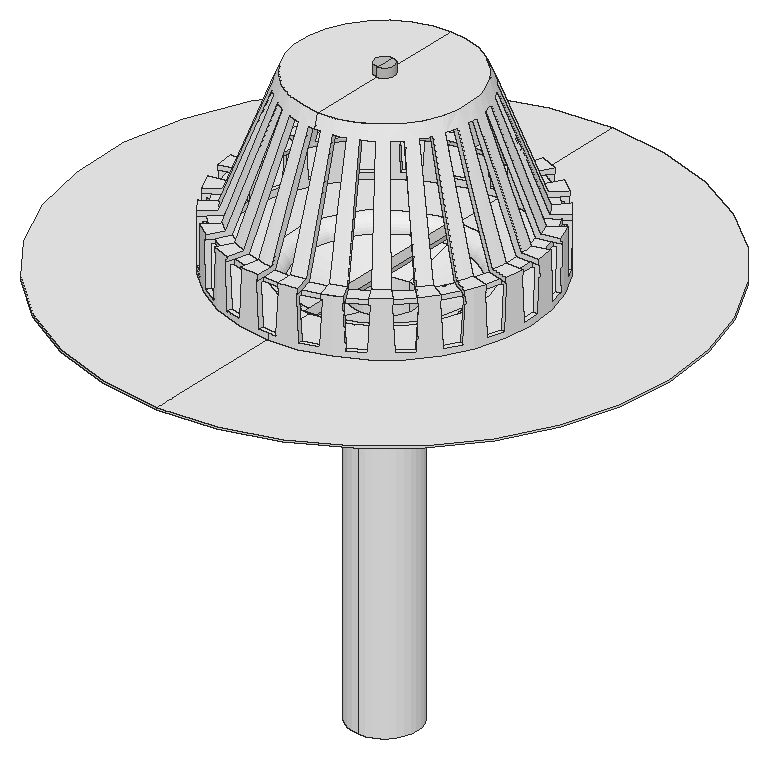
Revit family "Plumbing_Drainage_Menzies-Metal_Spun-Aluminum-Value-Drain", category Plumbing Fixtures, host Face, Revit 2018
Family settings
  Host = Face
  Round Connector Dimension = Use Diameter
  Part Type = Normal
  OmniClass Number = 23.70.50.21.24.11
  OmniClass Title = Roof Waste Water Drains
  Cut with Voids When Loaded = No
  Shared = No
  Room Calculation Point = No
Parameters (values of type "2"")
  Weight = 2.55 lbf
  URL = "https://www.menzies-metal.com/flat-roofing/spun-aluminum-value-drain/"
  Product data url = "https://www.bimobject.com/menzies-metal/product/aluminum-value"
  Product Material = Metal - Menzies Metal Products - Aluminum
  Product Guid = "23bd9ad4-7455-4302-9fb5-ebdef29ec943"
  Pipe Length Note = "Longer pipes available.  Pipes can be field cut to the desired length."  # constant formula
  Pipe Length = 10.875"
  Pipe Diameter = 1 7/8"
  Model = "300-3350"
  Manufacturer = "Menzies Metal Products"  # constant formula
  Edition number = 1
  Drain Flow = 0 GPM
  Description = "Spun Aluminum Value Drain"  # constant formula
  Default Elevation = 48"
  Assembly Code = "D2040200"
Types (3): name | Weight | Pipe Diameter | Model
  2" | 2.55 lbf | 1 7/8" | "300-3350"
  3" | 2.80 lbf | 2 3/4" | "300-3352"
  4" | 2.95 lbf | 3 3/4" | "300-3354"
Reference planes (in)
  plane 1 "Center (Front/Back)": y = 0
  plane 2: z = 0
  plane 3 "Center (Left/Right)": x = 0
  plane 4: z = -11.61321
  plane 5: y = 0.9375
  plane 6: y = -0.9375
  plane 7: y = 0.40591
  plane 8: y = -0.40591
  plane 9: z = -0.73821
  plane 10: z = 0.05867
  plane 11: z = -0.3691
Forms (in)
  Revolve 1, solid, material "Metal - Menzies Metal Products - Aluminum", detail levels coarse
    sketch origin (0, 0, 0) x (0, 1, 0) y (0, 0, 1)
      loop
        line (2.40013, 5.11963) -> (0, 5.11963) -> (0, 0.05) -> (4.23823, 0.05) -> (4.23823, 1.61963) -> (3.74365, 1.61963) -> (2.40013, 5.11963)
      axis (0, 5.11963) -> (0, 0.05)
    angle from 0 to 360
  Revolve 2, solid, material "Metal - Menzies Metal Products - Aluminum" <- "Product Material", detail levels coarse
    sketch origin (0, 0, 0) x (0, 1, 0) y (0, 0, 1)
      loop
        line (8.23828, 0.05) -> (0, 0.05) -> (0, -11.61321) -> (0.9375, -11.61321) -> (0.9375, -0.73821) -> (2.6875, 0) -> (8.23828, 0) -> (8.23828, 0.05)
      axis (0, 0.05) -> (0, -11.61321)
    angle from 0 to 360
  Revolve 3, solid, material "Metal - Menzies Metal Products - Stainless Steel", detail levels medium+fine
    sketch origin (0, 0, 0) x (0, 1, 0) y (0, 0, 1)
      loop
        line (0.27255, 5.36963) -> (0, 5.36963) -> (0, 0) -> (0.11813, 0) -> (0.11813, 5.11963) -> (0.27255, 5.11963) -> (0.27255, 5.36963)
      axis (0, 5.36963) -> (0, 0)
    angle from 0 to 360
  Revolve 4, solid, material "Metal - Menzies Metal Products - Aluminum", detail levels medium+fine
    sketch origin (0, 0, 0) x (0, 1, 0) y (0, 0, 1)
      loop
        line (2.40013, 5.11963) -> (0, 5.11963) -> (0, 4.855) -> (2.31422, 4.855) -> (3.65774, 1.355) -> (4.11323, 1.355) -> (4.11323, 0.05) -> (4.23823, 0.05) -> (4.23823, 1.61963) -> (3.74365, 1.61963) -> (2.40013, 5.11963)
      axis (0, 5.11963) -> (0, 0.05)
    angle from 0 to 360
  Extrusion 5, void
    sketch origin (0, 0, 0) x (-1, 0, 0) y (0, 0, 1)
      loop
        line (0.17396, 4.76) -> (-0.17396, 4.76) -> (-0.2885, 1.48) -> (0.2885, 1.48) -> (0.17396, 4.76)
    from -4.68215 to -1.5
  Extrusion 6, void
    sketch origin (0, 0, 0) x (1, 0, 0) y (0, 0, 1)
      loop
        line (-0.25077, 0.23171) -> (0.25077, 0.23171) -> (0.31619, 1.48) -> (-0.31619, 1.48) -> (-0.25077, 0.23171)
    from 4.0004 to 4.40138
  Extrusion 7, void
    sketch origin (0, 0, 0) x (-0.965926, -0.258819, 0) y (0, 0, 1)
      loop
        line (0.17396, 4.76) -> (-0.17396, 4.76) -> (-0.2885, 1.48) -> (0.2885, 1.48) -> (0.17396, 4.76)
    from -4.68215 to -1.5
  Extrusion 8, void
    sketch origin (0, 0, 0) x (0.965926, 0.258819, 0) y (0, 0, 1)
      loop
        line (-0.25077, 0.23171) -> (0.25077, 0.23171) -> (0.31619, 1.48) -> (-0.31619, 1.48) -> (-0.25077, 0.23171)
    from 4.0004 to 4.40138
  Extrusion 9, void
    sketch origin (0, 0, 0) x (-0.866025, -0.5, 0) y (0, 0, 1)
      loop
        line (0.17396, 4.76) -> (-0.17396, 4.76) -> (-0.2885, 1.48) -> (0.2885, 1.48) -> (0.17396, 4.76)
    from -4.68215 to -1.5
  Extrusion 10, void
    sketch origin (0, 0, 0) x (0.866025, 0.5, 0) y (0, 0, 1)
      loop
        line (-0.25077, 0.23171) -> (0.25077, 0.23171) -> (0.31619, 1.48) -> (-0.31619, 1.48) -> (-0.25077, 0.23171)
    from 4.0004 to 4.40138
  Extrusion 11, void
    sketch origin (0, 0, 0) x (-0.707107, -0.707107, 0) y (0, 0, 1)
      loop
        line (0.17396, 4.76) -> (-0.17396, 4.76) -> (-0.2885, 1.48) -> (0.2885, 1.48) -> (0.17396, 4.76)
    from -4.68215 to -1.5
  Extrusion 12, void
    sketch origin (0, 0, 0) x (0.707107, 0.707107, 0) y (0, 0, 1)
      loop
        line (-0.25077, 0.23171) -> (0.25077, 0.23171) -> (0.31619, 1.48) -> (-0.31619, 1.48) -> (-0.25077, 0.23171)
    from 4.0004 to 4.40138
  Extrusion 13, void
    sketch origin (0, 0, 0) x (-0.5, -0.866025, 0) y (0, 0, 1)
      loop
        line (0.17396, 4.76) -> (-0.17396, 4.76) -> (-0.2885, 1.48) -> (0.2885, 1.48) -> (0.17396, 4.76)
    from -4.68215 to -1.5
  Extrusion 14, void
    sketch origin (0, 0, 0) x (0.5, 0.866025, 0) y (0, 0, 1)
      loop
        line (-0.25077, 0.23171) -> (0.25077, 0.23171) -> (0.31619, 1.48) -> (-0.31619, 1.48) -> (-0.25077, 0.23171)
    from 4.0004 to 4.40138
  Extrusion 15, void
    sketch origin (0, 0, 0) x (-0.258819, -0.965926, 0) y (0, 0, 1)
      loop
        line (0.17396, 4.76) -> (-0.17396, 4.76) -> (-0.2885, 1.48) -> (0.2885, 1.48) -> (0.17396, 4.76)
    from -4.68215 to -1.5
  Extrusion 16, void
    sketch origin (0, 0, 0) x (0.258819, 0.965926, 0) y (0, 0, 1)
      loop
        line (-0.25077, 0.23171) -> (0.25077, 0.23171) -> (0.31619, 1.48) -> (-0.31619, 1.48) -> (-0.25077, 0.23171)
    from 4.0004 to 4.40138
  Extrusion 17, void
    sketch origin (0, 0, 0) x (0, -1, 0) y (0, 0, 1)
      loop
        line (0.17396, 4.76) -> (-0.17396, 4.76) -> (-0.2885, 1.48) -> (0.2885, 1.48) -> (0.17396, 4.76)
    from -4.68215 to -1.5
  Extrusion 18, void
    sketch origin (0, 0, 0) x (0, 1, 0) y (0, 0, 1)
      loop
        line (-0.25077, 0.23171) -> (0.25077, 0.23171) -> (0.31619, 1.48) -> (-0.31619, 1.48) -> (-0.25077, 0.23171)
    from 4.0004 to 4.40138
  Extrusion 19, void
    sketch origin (0, 0, 0) x (0.258819, -0.965926, 0) y (0, 0, 1)
      loop
        line (0.17396, 4.76) -> (-0.17396, 4.76) -> (-0.2885, 1.48) -> (0.2885, 1.48) -> (0.17396, 4.76)
    from -4.68215 to -1.5
  Extrusion 20, void
    sketch origin (0, 0, 0) x (-0.258819, 0.965926, 0) y (0, 0, 1)
      loop
        line (-0.25077, 0.23171) -> (0.25077, 0.23171) -> (0.31619, 1.48) -> (-0.31619, 1.48) -> (-0.25077, 0.23171)
    from 4.0004 to 4.40138
  Extrusion 21, void
    sketch origin (0, 0, 0) x (0.5, -0.866025, 0) y (0, 0, 1)
      loop
        line (0.17396, 4.76) -> (-0.17396, 4.76) -> (-0.2885, 1.48) -> (0.2885, 1.48) -> (0.17396, 4.76)
    from -4.68215 to -1.5
  Extrusion 22, void
    sketch origin (0, 0, 0) x (-0.5, 0.866025, 0) y (0, 0, 1)
      loop
        line (-0.25077, 0.23171) -> (0.25077, 0.23171) -> (0.31619, 1.48) -> (-0.31619, 1.48) -> (-0.25077, 0.23171)
    from 4.0004 to 4.40138
  Extrusion 23, void
    sketch origin (0, 0, 0) x (0.707107, -0.707107, 0) y (0, 0, 1)
      loop
        line (0.17396, 4.76) -> (-0.17396, 4.76) -> (-0.2885, 1.48) -> (0.2885, 1.48) -> (0.17396, 4.76)
    from -4.68215 to -1.5
  Extrusion 24, void
    sketch origin (0, 0, 0) x (-0.707107, 0.707107, 0) y (0, 0, 1)
      loop
        line (-0.25077, 0.23171) -> (0.25077, 0.23171) -> (0.31619, 1.48) -> (-0.31619, 1.48) -> (-0.25077, 0.23171)
    from 4.0004 to 4.40138
  Extrusion 25, void
    sketch origin (0, 0, 0) x (0.866025, -0.5, 0) y (0, 0, 1)
      loop
        line (0.17396, 4.76) -> (-0.17396, 4.76) -> (-0.2885, 1.48) -> (0.2885, 1.48) -> (0.17396, 4.76)
    from -4.68215 to -1.5
  Extrusion 26, void
    sketch origin (0, 0, 0) x (-0.866025, 0.5, 0) y (0, 0, 1)
      loop
        line (-0.25077, 0.23171) -> (0.25077, 0.23171) -> (0.31619, 1.48) -> (-0.31619, 1.48) -> (-0.25077, 0.23171)
    from 4.0004 to 4.40138
  Extrusion 27, void
    sketch origin (0, 0, 0) x (0.965926, -0.258819, 0) y (0, 0, 1)
      loop
        line (0.17396, 4.76) -> (-0.17396, 4.76) -> (-0.2885, 1.48) -> (0.2885, 1.48) -> (0.17396, 4.76)
    from -4.68215 to -1.5
  Extrusion 28, void
    sketch origin (0, 0, 0) x (-0.965926, 0.258819, 0) y (0, 0, 1)
      loop
        line (-0.25077, 0.23171) -> (0.25077, 0.23171) -> (0.31619, 1.48) -> (-0.31619, 1.48) -> (-0.25077, 0.23171)
    from 4.0004 to 4.40138
  Extrusion 29, void
    sketch origin (0, 0, 0) x (1, 0, 0) y (0, 0, 1)
      loop
        line (0.17396, 4.76) -> (-0.17396, 4.76) -> (-0.2885, 1.48) -> (0.2885, 1.48) -> (0.17396, 4.76)
    from -4.68215 to -1.5
  Extrusion 30, void
    sketch origin (0, 0, 0) x (-1, 0, 0) y (0, 0, 1)
      loop
        line (-0.25077, 0.23171) -> (0.25077, 0.23171) -> (0.31619, 1.48) -> (-0.31619, 1.48) -> (-0.25077, 0.23171)
    from 4.0004 to 4.40138
  Extrusion 31, void
    sketch origin (0, 0, 0) x (0.965926, 0.258819, 0) y (0, 0, 1)
      loop
        line (0.17396, 4.76) -> (-0.17396, 4.76) -> (-0.2885, 1.48) -> (0.2885, 1.48) -> (0.17396, 4.76)
    from -4.68215 to -1.5
  Extrusion 32, void
    sketch origin (0, 0, 0) x (-0.965926, -0.258819, 0) y (0, 0, 1)
      loop
        line (-0.25077, 0.23171) -> (0.25077, 0.23171) -> (0.31619, 1.48) -> (-0.31619, 1.48) -> (-0.25077, 0.23171)
    from 4.0004 to 4.40138
  Extrusion 33, void
    sketch origin (0, 0, 0) x (0.866025, 0.5, 0) y (0, 0, 1)
      loop
        line (0.17396, 4.76) -> (-0.17396, 4.76) -> (-0.2885, 1.48) -> (0.2885, 1.48) -> (0.17396, 4.76)
    from -4.68215 to -1.5
  Extrusion 34, void
    sketch origin (0, 0, 0) x (-0.866025, -0.5, 0) y (0, 0, 1)
      loop
        line (-0.25077, 0.23171) -> (0.25077, 0.23171) -> (0.31619, 1.48) -> (-0.31619, 1.48) -> (-0.25077, 0.23171)
    from 4.0004 to 4.40138
  Extrusion 35, void
    sketch origin (0, 0, 0) x (0.707107, 0.707107, 0) y (0, 0, 1)
      loop
        line (0.17396, 4.76) -> (-0.17396, 4.76) -> (-0.2885, 1.48) -> (0.2885, 1.48) -> (0.17396, 4.76)
    from -4.68215 to -1.5
  Extrusion 36, void
    sketch origin (0, 0, 0) x (-0.707107, -0.707107, 0) y (0, 0, 1)
      loop
        line (-0.25077, 0.23171) -> (0.25077, 0.23171) -> (0.31619, 1.48) -> (-0.31619, 1.48) -> (-0.25077, 0.23171)
    from 4.0004 to 4.40138
  Extrusion 37, void
    sketch origin (0, 0, 0) x (0.5, 0.866025, 0) y (0, 0, 1)
      loop
        line (0.17396, 4.76) -> (-0.17396, 4.76) -> (-0.2885, 1.48) -> (0.2885, 1.48) -> (0.17396, 4.76)
    from -4.68215 to -1.5
  Extrusion 38, void
    sketch origin (0, 0, 0) x (-0.5, -0.866025, 0) y (0, 0, 1)
      loop
        line (-0.25077, 0.23171) -> (0.25077, 0.23171) -> (0.31619, 1.48) -> (-0.31619, 1.48) -> (-0.25077, 0.23171)
    from 4.0004 to 4.40138
  Extrusion 39, void
    sketch origin (0, 0, 0) x (0.258819, 0.965926, 0) y (0, 0, 1)
      loop
        line (0.17396, 4.76) -> (-0.17396, 4.76) -> (-0.2885, 1.48) -> (0.2885, 1.48) -> (0.17396, 4.76)
    from -4.68215 to -1.5
  Extrusion 40, void
    sketch origin (0, 0, 0) x (-0.258819, -0.965926, 0) y (0, 0, 1)
      loop
        line (-0.25077, 0.23171) -> (0.25077, 0.23171) -> (0.31619, 1.48) -> (-0.31619, 1.48) -> (-0.25077, 0.23171)
    from 4.0004 to 4.40138
  Extrusion 41, void
    sketch origin (0, 0, 0) x (0, 1, 0) y (0, 0, 1)
      loop
        line (0.17396, 4.76) -> (-0.17396, 4.76) -> (-0.2885, 1.48) -> (0.2885, 1.48) -> (0.17396, 4.76)
    from -4.68215 to -1.5
  Extrusion 42, void
    sketch origin (0, 0, 0) x (0, -1, 0) y (0, 0, 1)
      loop
        line (-0.25077, 0.23171) -> (0.25077, 0.23171) -> (0.31619, 1.48) -> (-0.31619, 1.48) -> (-0.25077, 0.23171)
    from 4.0004 to 4.40138
  Extrusion 43, void
    sketch origin (0, 0, 0) x (-0.258819, 0.965926, 0) y (0, 0, 1)
      loop
        line (0.17396, 4.76) -> (-0.17396, 4.76) -> (-0.2885, 1.48) -> (0.2885, 1.48) -> (0.17396, 4.76)
    from -4.68215 to -1.5
  Extrusion 44, void
    sketch origin (0, 0, 0) x (0.258819, -0.965926, 0) y (0, 0, 1)
      loop
        line (-0.25077, 0.23171) -> (0.25077, 0.23171) -> (0.31619, 1.48) -> (-0.31619, 1.48) -> (-0.25077, 0.23171)
    from 4.0004 to 4.40138
  Extrusion 45, void
    sketch origin (0, 0, 0) x (-0.5, 0.866025, 0) y (0, 0, 1)
      loop
        line (0.17396, 4.76) -> (-0.17396, 4.76) -> (-0.2885, 1.48) -> (0.2885, 1.48) -> (0.17396, 4.76)
    from -4.68215 to -1.5
  Extrusion 46, void
    sketch origin (0, 0, 0) x (0.5, -0.866025, 0) y (0, 0, 1)
      loop
        line (-0.25077, 0.23171) -> (0.25077, 0.23171) -> (0.31619, 1.48) -> (-0.31619, 1.48) -> (-0.25077, 0.23171)
    from 4.0004 to 4.40138
  Extrusion 47, void
    sketch origin (0, 0, 0) x (-0.707107, 0.707107, 0) y (0, 0, 1)
      loop
        line (0.17396, 4.76) -> (-0.17396, 4.76) -> (-0.2885, 1.48) -> (0.2885, 1.48) -> (0.17396, 4.76)
    from -4.68215 to -1.5
  Extrusion 48, void
    sketch origin (0, 0, 0) x (0.707107, -0.707107, 0) y (0, 0, 1)
      loop
        line (-0.25077, 0.23171) -> (0.25077, 0.23171) -> (0.31619, 1.48) -> (-0.31619, 1.48) -> (-0.25077, 0.23171)
    from 4.0004 to 4.40138
  Extrusion 49, void
    sketch origin (0, 0, 0) x (-0.866025, 0.5, 0) y (0, 0, 1)
      loop
        line (0.17396, 4.76) -> (-0.17396, 4.76) -> (-0.2885, 1.48) -> (0.2885, 1.48) -> (0.17396, 4.76)
    from -4.68215 to -1.5
  Extrusion 50, void
    sketch origin (0, 0, 0) x (0.866025, -0.5, 0) y (0, 0, 1)
      loop
        line (-0.25077, 0.23171) -> (0.25077, 0.23171) -> (0.31619, 1.48) -> (-0.31619, 1.48) -> (-0.25077, 0.23171)
    from 4.0004 to 4.40138
  Extrusion 51, void
    sketch origin (0, 0, 0) x (-0.965926, 0.258819, 0) y (0, 0, 1)
      loop
        line (0.17396, 4.76) -> (-0.17396, 4.76) -> (-0.2885, 1.48) -> (0.2885, 1.48) -> (0.17396, 4.76)
    from -4.68215 to -1.5
  Extrusion 52, void
    sketch origin (0, 0, 0) x (0.965926, -0.258819, 0) y (0, 0, 1)
      loop
        line (-0.25077, 0.23171) -> (0.25077, 0.23171) -> (0.31619, 1.48) -> (-0.31619, 1.48) -> (-0.25077, 0.23171)
    from 4.0004 to 4.40138
  Revolve 53, solid, material "Metal - Menzies Metal Products - Aluminum" <- "Product Material", detail levels medium+fine
    sketch origin (0, 0, 0) x (0, 1, 0) y (0, 0, 1)
      loop
        line (0.9375, -0.73821) -> (2.33111, -0.3691)
        arc (2.33111, -0.3691) -> (2.43096, -0.10891) -> (2.6875, 0) r 0.3566
        line (2.6875, 0) -> (8.23828, 0) -> (8.23828, 0.05) -> (2.6875, 0.05)
        arc (2.6875, 0.05) -> (2.40416, -0.06029) -> (2.26994, -0.33311) r 0.4191
        line (2.26994, -0.33311) -> (0.88672, -0.69958) -> (0.88672, -11.61321) -> (0.9375, -11.61321) -> (0.9375, -0.73821)
      axis (0, 0.05) -> (0, -11.61321)
    angle from 0 to 360
  Revolve 54, void
    sketch origin (0, 0, 0) x (0, 1, 0) y (0, 0, 1)
      loop
        line (0, -11.61321) -> (0.9375, -11.61321) -> (0.9375, -0.73821) -> (2.33111, -0.3691) -> (2.70022, 0) -> (0, 0) -> (0, -11.61321)
      axis (0, -11.61321) -> (0, 0)
    angle from 0 to 360
  Extrusion 55, solid, material "Metal - Menzies Metal Products - Stainless Steel"
    sketch origin (0, 0, 0) x (0, 1, 0) y (0, 0, 1)
      loop
        line (2.65794, 0.05) -> (-2.65794, 0.05)
        arc (-2.65794, 0.05) -> (-2.54623, 0.02681) -> (-2.44575, -0.02723) r 0.39647
        line (-2.44575, -0.02723) -> (2.44575, -0.02723)
        arc (2.44575, -0.02723) -> (2.54623, 0.02681) -> (2.65794, 0.05) r 0.39647
    from -0.17396 to 0.17396
Cuts and joins
  Extrusion 5, Extrusion 6, Extrusion 7, Extrusion 8, Extrusion 9, Extrusion 10, Extrusion 11, Extrusion 12, Extrusion 13, Extrusion 14, Extrusion 15, Extrusion 16, Extrusion 17, Extrusion 18, Extrusion 19, Extrusion 20, Extrusion 21, Extrusion 22, Extrusion 23, Extrusion 24, Extrusion 25, Extrusion 26, Extrusion 27, Extrusion 28, Extrusion 29, Extrusion 30, Extrusion 31, Extrusion 32, Extrusion 33, Extrusion 34, Extrusion 35, Extrusion 36, Extrusion 37, Extrusion 38, Extrusion 39, Extrusion 40, Extrusion 41, Extrusion 42, Extrusion 43, Extrusion 44, Extrusion 45, Extrusion 46, Extrusion 47, Extrusion 48, Extrusion 49, Extrusion 50, Extrusion 51, Extrusion 52 cuts Revolve 4
Lines and regions (in)
  Masking region 1
    outline origin (0, 0, 0) x (1, 0, 0) y (0, 1, 0)
      loop
        circle (0, 0) r 8.23828
  symbolic lines, detail levels medium+fine
    curve 1: arc (4.39127, 0, 0) -> (0, 4.39127, 0) -> (-4.39127, 0, 0) r 4.39127
    curve 2: arc (-4.39127, 0, 0) -> (0, -4.39127, 0) -> (4.39127, 0, 0) r 4.39127
  symbolic lines, style "PlumbingFixturesHiddenLines", detail levels medium+fine
    curve 3: arc (0, -0.9375, 0) -> (0.9375, 0, 0) -> (0, 0.9375, 0) r 0.9375
    curve 4: arc (0, 0.9375, 0) -> (-0.9375, 0, 0) -> (0, -0.9375, 0) r 0.9375
Dimensions and locks (in)
  Revolve 1 sketch curve to Revolve 1 sketch curve to Revolve 1 sketch curve to Revolve 1 sketch curve = 0.49457" locked, 1.34352" locked, 2.40013" locked
  equal spacing: plane 5, plane 1 "Center (Front/Back)", plane 6
  "Pipe Diameter": plane 5 to plane 6
  Revolve 3 sketch curve to Revolve 3 sketch curve to Revolve 3 sketch curve to Revolve 3 sketch curve = 0.15442", 0.11813" locked, 0" locked
  Revolve 3 sketch curve to Revolve 3 sketch curve to Revolve 3 sketch curve to plane 2 = 0.25" locked, 5.11963", 0"
  Revolve 4 sketch curve to Revolve 4 sketch curve to Revolve 4 sketch curve to Revolve 4 sketch curve to Revolve 4 sketch curve to Revolve 4 sketch curve to plane 1 "Center (Front/Back)" = 0.125" locked, 0.36957" locked, 0.08591" locked, 1.25761" locked, 0.08591" locked, 2.31422" locked
  Revolve 4 sketch curve to Revolve 4 sketch curve to level = 3.5" locked, 1.355" locked
  Extrusion 5 sketch curve to Extrusion 5 sketch curve to Extrusion 5 sketch curve to Extrusion 5 sketch curve = 0.11454", 0.34792" locked, 0.11454"
  locked: Extrusion 5 sketch curve to Extrusion 5 sketch curve at 3.28
  Extrusion 6 sketch curve to Extrusion 6 sketch curve to Extrusion 6 sketch curve to Extrusion 6 sketch curve = 0.06542" locked, 0.50155" locked, 0.06542" locked
  locked: Extrusion 6 sketch curve to Extrusion 6 sketch curve at 1.24829
  Extrusion 7 sketch curve to Extrusion 7 sketch curve to Extrusion 7 sketch curve to Extrusion 7 sketch curve = 0.11454", 0.34792" locked, 0.11454"
  locked: Extrusion 7 sketch curve to Extrusion 7 sketch curve at 3.28
  Extrusion 8 sketch curve to Extrusion 8 sketch curve to Extrusion 8 sketch curve to Extrusion 8 sketch curve = 0.06542" locked, 0.50155" locked, 0.06542" locked
  locked: Extrusion 8 sketch curve to Extrusion 8 sketch curve at 1.24829
  Extrusion 9 sketch curve to Extrusion 9 sketch curve to Extrusion 9 sketch curve to Extrusion 9 sketch curve = 0.11454", 0.34792" locked, 0.11454"
  locked: Extrusion 9 sketch curve to Extrusion 9 sketch curve at 3.28
  Extrusion 10 sketch curve to Extrusion 10 sketch curve to Extrusion 10 sketch curve to Extrusion 10 sketch curve = 0.06542" locked, 0.50155" locked, 0.06542" locked
  locked: Extrusion 10 sketch curve to Extrusion 10 sketch curve at 1.24829
  Extrusion 11 sketch curve to Extrusion 11 sketch curve to Extrusion 11 sketch curve to Extrusion 11 sketch curve = 0.11454", 0.34792" locked, 0.11454"
  locked: Extrusion 11 sketch curve to Extrusion 11 sketch curve at 3.28
  Extrusion 12 sketch curve to Extrusion 12 sketch curve to Extrusion 12 sketch curve to Extrusion 12 sketch curve = 0.06542" locked, 0.50155" locked, 0.06542" locked
  locked: Extrusion 12 sketch curve to Extrusion 12 sketch curve at 1.24829
  Extrusion 13 sketch curve to Extrusion 13 sketch curve to Extrusion 13 sketch curve to Extrusion 13 sketch curve = 0.11454", 0.34792" locked, 0.11454"
  locked: Extrusion 13 sketch curve to Extrusion 13 sketch curve at 3.28
  Extrusion 14 sketch curve to Extrusion 14 sketch curve to Extrusion 14 sketch curve to Extrusion 14 sketch curve = 0.06542" locked, 0.50155" locked, 0.06542" locked
  locked: Extrusion 14 sketch curve to Extrusion 14 sketch curve at 1.24829
  Extrusion 15 sketch curve to Extrusion 15 sketch curve to Extrusion 15 sketch curve to Extrusion 15 sketch curve = 0.11454", 0.34792" locked, 0.11454"
  locked: Extrusion 15 sketch curve to Extrusion 15 sketch curve at 3.28
  Extrusion 16 sketch curve to Extrusion 16 sketch curve to Extrusion 16 sketch curve to Extrusion 16 sketch curve = 0.06542" locked, 0.50155" locked, 0.06542" locked
  locked: Extrusion 16 sketch curve to Extrusion 16 sketch curve at 1.24829
  Extrusion 17 sketch curve to Extrusion 17 sketch curve to Extrusion 17 sketch curve to Extrusion 17 sketch curve = 0.11454", 0.34792" locked, 0.11454"
  locked: Extrusion 17 sketch curve to Extrusion 17 sketch curve at 3.28
  Extrusion 18 sketch curve to Extrusion 18 sketch curve to Extrusion 18 sketch curve to Extrusion 18 sketch curve = 0.06542" locked, 0.50155" locked, 0.06542" locked
  locked: Extrusion 18 sketch curve to Extrusion 18 sketch curve at 1.24829
  Extrusion 19 sketch curve to Extrusion 19 sketch curve to Extrusion 19 sketch curve to Extrusion 19 sketch curve = 0.11454", 0.34792" locked, 0.11454"
  locked: Extrusion 19 sketch curve to Extrusion 19 sketch curve at 3.28
  Extrusion 20 sketch curve to Extrusion 20 sketch curve to Extrusion 20 sketch curve to Extrusion 20 sketch curve = 0.06542" locked, 0.50155" locked, 0.06542" locked
  locked: Extrusion 20 sketch curve to Extrusion 20 sketch curve at 1.24829
  Extrusion 21 sketch curve to Extrusion 21 sketch curve to Extrusion 21 sketch curve to Extrusion 21 sketch curve = 0.11454", 0.34792" locked, 0.11454"
  locked: Extrusion 21 sketch curve to Extrusion 21 sketch curve at 3.28
  Extrusion 22 sketch curve to Extrusion 22 sketch curve to Extrusion 22 sketch curve to Extrusion 22 sketch curve = 0.06542" locked, 0.50155" locked, 0.06542" locked
  locked: Extrusion 22 sketch curve to Extrusion 22 sketch curve at 1.24829
  Extrusion 23 sketch curve to Extrusion 23 sketch curve to Extrusion 23 sketch curve to Extrusion 23 sketch curve = 0.11454", 0.34792" locked, 0.11454"
  locked: Extrusion 23 sketch curve to Extrusion 23 sketch curve at 3.28
  Extrusion 24 sketch curve to Extrusion 24 sketch curve to Extrusion 24 sketch curve to Extrusion 24 sketch curve = 0.06542" locked, 0.50155" locked, 0.06542" locked
  locked: Extrusion 24 sketch curve to Extrusion 24 sketch curve at 1.24829
  Extrusion 25 sketch curve to Extrusion 25 sketch curve to Extrusion 25 sketch curve to Extrusion 25 sketch curve = 0.11454", 0.34792" locked, 0.11454"
  locked: Extrusion 25 sketch curve to Extrusion 25 sketch curve at 3.28
  Extrusion 26 sketch curve to Extrusion 26 sketch curve to Extrusion 26 sketch curve to Extrusion 26 sketch curve = 0.06542" locked, 0.50155" locked, 0.06542" locked
  locked: Extrusion 26 sketch curve to Extrusion 26 sketch curve at 1.24829
  Extrusion 27 sketch curve to Extrusion 27 sketch curve to Extrusion 27 sketch curve to Extrusion 27 sketch curve = 0.11454", 0.34792" locked, 0.11454"
  locked: Extrusion 27 sketch curve to Extrusion 27 sketch curve at 3.28
  Extrusion 28 sketch curve to Extrusion 28 sketch curve to Extrusion 28 sketch curve to Extrusion 28 sketch curve = 0.06542" locked, 0.50155" locked, 0.06542" locked
  locked: Extrusion 28 sketch curve to Extrusion 28 sketch curve at 1.24829
  Extrusion 29 sketch curve to Extrusion 29 sketch curve to Extrusion 29 sketch curve to Extrusion 29 sketch curve = 0.11454", 0.34792" locked, 0.11454"
  locked: Extrusion 29 sketch curve to Extrusion 29 sketch curve at 3.28
  Extrusion 30 sketch curve to Extrusion 30 sketch curve to Extrusion 30 sketch curve to Extrusion 30 sketch curve = 0.06542" locked, 0.50155" locked, 0.06542" locked
  locked: Extrusion 30 sketch curve to Extrusion 30 sketch curve at 1.24829
  Extrusion 31 sketch curve to Extrusion 31 sketch curve to Extrusion 31 sketch curve to Extrusion 31 sketch curve = 0.11454", 0.34792" locked, 0.11454"
  locked: Extrusion 31 sketch curve to Extrusion 31 sketch curve at 3.28
  Extrusion 32 sketch curve to Extrusion 32 sketch curve to Extrusion 32 sketch curve to Extrusion 32 sketch curve = 0.06542" locked, 0.50155" locked, 0.06542" locked
  locked: Extrusion 32 sketch curve to Extrusion 32 sketch curve at 1.24829
  Extrusion 33 sketch curve to Extrusion 33 sketch curve to Extrusion 33 sketch curve to Extrusion 33 sketch curve = 0.11454", 0.34792" locked, 0.11454"
  locked: Extrusion 33 sketch curve to Extrusion 33 sketch curve at 3.28
  Extrusion 34 sketch curve to Extrusion 34 sketch curve to Extrusion 34 sketch curve to Extrusion 34 sketch curve = 0.06542" locked, 0.50155" locked, 0.06542" locked
  locked: Extrusion 34 sketch curve to Extrusion 34 sketch curve at 1.24829
  Extrusion 35 sketch curve to Extrusion 35 sketch curve to Extrusion 35 sketch curve to Extrusion 35 sketch curve = 0.11454", 0.34792" locked, 0.11454"
  locked: Extrusion 35 sketch curve to Extrusion 35 sketch curve at 3.28
  Extrusion 36 sketch curve to Extrusion 36 sketch curve to Extrusion 36 sketch curve to Extrusion 36 sketch curve = 0.06542" locked, 0.50155" locked, 0.06542" locked
  locked: Extrusion 36 sketch curve to Extrusion 36 sketch curve at 1.24829
  Extrusion 37 sketch curve to Extrusion 37 sketch curve to Extrusion 37 sketch curve to Extrusion 37 sketch curve = 0.11454", 0.34792" locked, 0.11454"
  locked: Extrusion 37 sketch curve to Extrusion 37 sketch curve at 3.28
  Extrusion 38 sketch curve to Extrusion 38 sketch curve to Extrusion 38 sketch curve to Extrusion 38 sketch curve = 0.06542" locked, 0.50155" locked, 0.06542" locked
  locked: Extrusion 38 sketch curve to Extrusion 38 sketch curve at 1.24829
  Extrusion 39 sketch curve to Extrusion 39 sketch curve to Extrusion 39 sketch curve to Extrusion 39 sketch curve = 0.11454", 0.34792" locked, 0.11454"
  locked: Extrusion 39 sketch curve to Extrusion 39 sketch curve at 3.28
  Extrusion 40 sketch curve to Extrusion 40 sketch curve to Extrusion 40 sketch curve to Extrusion 40 sketch curve = 0.06542" locked, 0.50155" locked, 0.06542" locked
  locked: Extrusion 40 sketch curve to Extrusion 40 sketch curve at 1.24829
  Extrusion 41 sketch curve to Extrusion 41 sketch curve to Extrusion 41 sketch curve to Extrusion 41 sketch curve = 0.11454", 0.34792" locked, 0.11454"
  locked: Extrusion 41 sketch curve to Extrusion 41 sketch curve at 3.28
  Extrusion 42 sketch curve to Extrusion 42 sketch curve to Extrusion 42 sketch curve to Extrusion 42 sketch curve = 0.06542" locked, 0.50155" locked, 0.06542" locked
  locked: Extrusion 42 sketch curve to Extrusion 42 sketch curve at 1.24829
  Extrusion 43 sketch curve to Extrusion 43 sketch curve to Extrusion 43 sketch curve to Extrusion 43 sketch curve = 0.11454", 0.34792" locked, 0.11454"
  locked: Extrusion 43 sketch curve to Extrusion 43 sketch curve at 3.28
  Extrusion 44 sketch curve to Extrusion 44 sketch curve to Extrusion 44 sketch curve to Extrusion 44 sketch curve = 0.06542" locked, 0.50155" locked, 0.06542" locked
  locked: Extrusion 44 sketch curve to Extrusion 44 sketch curve at 1.24829
  Extrusion 45 sketch curve to Extrusion 45 sketch curve to Extrusion 45 sketch curve to Extrusion 45 sketch curve = 0.11454", 0.34792" locked, 0.11454"
  locked: Extrusion 45 sketch curve to Extrusion 45 sketch curve at 3.28
  Extrusion 46 sketch curve to Extrusion 46 sketch curve to Extrusion 46 sketch curve to Extrusion 46 sketch curve = 0.06542" locked, 0.50155" locked, 0.06542" locked
  locked: Extrusion 46 sketch curve to Extrusion 46 sketch curve at 1.24829
  Extrusion 47 sketch curve to Extrusion 47 sketch curve to Extrusion 47 sketch curve to Extrusion 47 sketch curve = 0.11454", 0.34792" locked, 0.11454"
  locked: Extrusion 47 sketch curve to Extrusion 47 sketch curve at 3.28
  Extrusion 48 sketch curve to Extrusion 48 sketch curve to Extrusion 48 sketch curve to Extrusion 48 sketch curve = 0.06542" locked, 0.50155" locked, 0.06542" locked
  locked: Extrusion 48 sketch curve to Extrusion 48 sketch curve at 1.24829
  Extrusion 49 sketch curve to Extrusion 49 sketch curve to Extrusion 49 sketch curve to Extrusion 49 sketch curve = 0.11454", 0.34792" locked, 0.11454"
  locked: Extrusion 49 sketch curve to Extrusion 49 sketch curve at 3.28
  Extrusion 50 sketch curve to Extrusion 50 sketch curve to Extrusion 50 sketch curve to Extrusion 50 sketch curve = 0.06542" locked, 0.50155" locked, 0.06542" locked
  locked: Extrusion 50 sketch curve to Extrusion 50 sketch curve at 1.24829
  Extrusion 51 sketch curve to Extrusion 51 sketch curve to Extrusion 51 sketch curve to Extrusion 51 sketch curve = 0.11454", 0.34792" locked, 0.11454"
  locked: Extrusion 51 sketch curve to Extrusion 51 sketch curve at 3.28
  Extrusion 52 sketch curve to Extrusion 52 sketch curve to Extrusion 52 sketch curve to Extrusion 52 sketch curve = 0.06542" locked, 0.50155" locked, 0.06542" locked
  locked: Extrusion 52 sketch curve to Extrusion 52 sketch curve at 1.24829
  equal spacing: plane 8, plane 1 "Center (Front/Back)", plane 7
  locked: plane 7 to plane 8 at 0.81181
  locked: plane 5 to Revolve 53 sketch curve at 0.05078
  locked: plane 10 to plane 2 at 0.05867
  plane 10 to plane 9 = 0.79688"
  "Pipe Length": plane 9 to plane 4
  Revolve 2 sketch curve to plane 1 "Center (Front/Back)" = 8.23828"
  locked: Revolve 53 sketch curve to plane 1 "Center (Front/Back)" at 8.23828
  Revolve 1 sketch curve to Revolve 1 sketch curve to Revolve 1 sketch curve = 1.56963" locked, 3.5" locked
  Revolve 54 sketch curve to plane 1 "Center (Front/Back)" = 2.70022"
  locked: Revolve 53 sketch curve to plane 9 at 0.03863
  Revolve 53 sketch curve to plane 1 "Center (Front/Back)" = 2.6875"
  equal spacing: plane 2, plane 11, plane 9
  locked: Revolve 2 sketch curve to plane 1 "Center (Front/Back)" at 2.6875
  equal spacing: Extrusion 55 sketch curve, plane 1 "Center (Front/Back)", Extrusion 55 sketch curve  (x2)
  locked: Extrusion 55 sketch curve to Extrusion 55 sketch curve at 4.89151
  locked: Extrusion 55 sketch curve to Extrusion 55 sketch curve at 5.31589
  aligned and locked: plane 2 to host face
  aligned and locked: level to host face
  aligned and locked: Revolve 2 sketch curve to plane 4
  aligned and locked: Revolve 2 sketch curve to plane 5
  aligned and locked: Revolve 3 sketch curve to plane 1 "Center (Front/Back)"
  aligned and locked: Revolve 4 sketch curve to plane 1 "Center (Front/Back)"
  aligned and locked: Revolve 4 sketch curve to Revolve 1  (x3)
  aligned and locked: plane 1 "Center (Front/Back)" to Revolve 4 sketch curve
  aligned and locked: Revolve 53 sketch curve to plane 1 "Center (Front/Back)"
  aligned and locked: plane 5 to Revolve 53 sketch curve
  aligned and locked: Revolve 53 sketch curve to plane 4
  aligned and locked: Masking region 1 sketch curve to Revolve 53  (x2)
  aligned and locked: curve 3 to Revolve 53
  aligned and locked: curve 4 to Revolve 53
  aligned and locked: Revolve 2 sketch curve to plane 1 "Center (Front/Back)"
  aligned and locked: Revolve 54 sketch curve to plane 1 "Center (Front/Back)"
  aligned and locked: Revolve 54 sketch curve to plane 4
  aligned and locked: Revolve 54 sketch curve to plane 5
  aligned and locked: plane 9 to Revolve 2 sketch curve
Automatic sketch dimensions
  host sketch curve to host sketch curve = 96"  (x2)
  Revolve 4 sketch curve to plane 4 = 20.25"
  Revolve 4 sketch curve to Revolve 4 sketch curve = 87.29586"
  level to Extrusion 31 sketch curve = 1.48"
  level to Extrusion 32 sketch curve = 1.48"
  level to Extrusion 21 sketch curve = 1.48"
  level to Extrusion 22 sketch curve = 1.48"
  Revolve 1 sketch curve to plane 1 "Center (Front/Back)" = 0"  (x2)
  Revolve 1 sketch curve to plane 10 = 0.00867"
  Revolve 1 sketch curve to plane 4 = 7.17947"
  Revolve 1 sketch curve to Revolve 1 sketch curve = 87.15623"
  Revolve 53 sketch curve to plane 11 = 0"  (x2)
  Revolve 53 sketch curve to level = 0"
  Revolve 53 sketch curve to plane 9 = 0"
  Revolve 53 sketch curve to Revolve 53 sketch curve = 0"
  Revolve 53 sketch curve to plane 10 = 0.00867"
  plane 11 to Revolve 53 sketch curve = 0.036"
  Revolve 53 sketch curve to Revolve 53 sketch curve = 0.06117"
  Revolve 53 sketch curve to plane 4 = 20.25"
  plane 10 to Revolve 53 sketch curve = 92.21719"
  Revolve 2 sketch curve to plane 1 "Center (Front/Back)" = 0"
  Revolve 2 sketch curve to level = 0"
  Revolve 2 sketch curve to plane 10 = 0.00867"
  level to Revolve 2 sketch curve = 0.00312"
  plane 10 to Revolve 2 sketch curve = 6.74133"
  Revolve 54 sketch curve to plane 1 "Center (Front/Back)" = 0"
  Revolve 54 sketch curve to level = 0"
  Revolve 54 sketch curve to plane 9 = 0"
  Revolve 54 sketch curve to level = 0.3691"
  Revolve 54 sketch curve to Revolve 54 sketch curve = 0.3691"
  Revolve 54 sketch curve to Revolve 54 sketch curve = 0.75"
  Revolve 54 sketch curve to plane 9 = 2.875"
  Revolve 3 sketch curve to plane 4 = 20.25"
  Revolve 3 sketch curve to Revolve 3 sketch curve = 86.90623"
  Extrusion 55 sketch curve to level = 0.02723"
  Extrusion 55 sketch curve to Extrusion 55 sketch curve = 0.23608"  (x2)
  Extrusion 55 sketch curve to plane 10 = 0.00867"
  Extrusion 55 sketch curve to Extrusion 55 sketch curve = 0.21219"
Connectors (in)
  piping at (0, 0, -11.61321), diameter 1.875, driven by "Drain Flow", driven by "Pipe Diameter"
    settings: on Revolve 53, index 1, connector inside diameter 24", connector length 0", flow factor 0, pipe flow 0 GPM, pressure drop 0.00 psi, fitting loss kfactor 0, connector angle 0.00°, fixture units 0, engagement length 0", angle of deflection 0.00°, flow configuration 0, flow direction 2, fitting loss method 0, system type 22, joint type 0, gender type 0, connector reference index -1, connector utility 0, adjustable connector no, is connector primary yes, connector description "Connector for Roof Drain"
